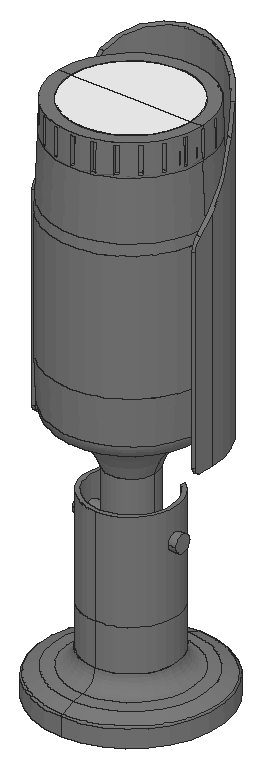
Revit family "Camera-Security-HanwhaTechwin-Bullet-Wisenet Q-QNO-8020R_mm", category Security Devices, host Face, Revit 2020
Family settings
  Host = Face
  Maintain Annotation Orientation = Yes
  Round Connector Dimension = Use Diameter
  Part Type = Normal
  OmniClass Number = 23.85.30.17.14
  OmniClass Title = Video Surveillance
  Cut with Voids When Loaded = No
  Shared = No
  Room Calculation Point = No
Parameters (values of type "Standard")
  zz Length 3 [instance] = if(1 = 1, View Distance + 38.89 mm, View Distance + 38.89 mm)  # 953.29 mm
  zz Length 2 [instance] = tan(Field of View Horizontal Actual / 2) * View Distance  # 764.557 mm
  zz Length 1 [instance] = tan(Field of View Vertical Actual / 2) * View Distance  # 507.904 mm
  zz Angle 4 [instance] = if(1 = 1, Camera Shield Rotation, Camera Shield Rotation)  # 0.00°
  zz Angle 3 [instance] = Camera Tilt Actual + 90.00°  # 90.00°
  zz Angle 2 [instance] = 90.00° - Camera Shield Rotation  # 90.00°
  zz Angle 1 [instance] = if(1 = 1, Camera Base Rotation + 270.00°, Camera Base Rotation + 270.00°)  # 270.00°
  Wide Dynamic Range [instance] = "120dB"  # constant formula
  White Balance [instance] = "ATW / AWC / Manual / Indoor / Outdoor"  # constant formula
  Webpage Language [instance] = "English, Korean, Chinese, French, Italian, Spanish, German, Japanese, Russian, Swedish,,\r\nPortuguese, Czech, Polish, Turkish, Dutch, Hungarian, Greek"  # constant formula
  Web Viewer [instance] = "Supported OS : Windows 7, 8.1, 10, Mac OS X 10.10, 10.11, 10.12, 10.13, 10.14\r\nRecommended Browser : Google Chrome\r\nSupported Browser : MS Explorer11, MS Edge, Mozilla Firefox (Windows 64bit only),\r\nApple Safari (Mac OS X only)"  # constant formula
  WarrantyStartDate [instance] = "1900-12-31T23:59:59"
  WarrantyGuarantorParts = ""
  WarrantyGuarantorLabor = ""
  WarrantyDurationUnit = ""
  WarrantyDurationParts = ""
  WarrantyDurationLabor = ""
  WarrantyDescription = ""
  Voltage = 12 V
  View Distance [instance] = 914.4 mm
  Video Rotation [instance] = "Flip, Mirror, Hallway view(90˚/270˚)"  # constant formula
  Video Quality Adjustment [instance] = "H.264/H.265 : Target bitrate level control / MJPEG : Quality level control"  # constant formula
  Video Out [instance] = "CVBS : 1.0 Vp-p / 75Ω composite, 720 x 480(N), 720 x 576(P) for installation"  # constant formula
  Video Compression [instance] = "H.265/H.264 : Main/High, MJPEG"  # constant formula
  Version = "1"
  Unit Conversion [instance] = 1000 mm
  Uniclass2 = "Pr_60_75_75_86_86"
  URL = "https://www.hanwha-security.com"
  Tilt Range [instance] = "0˚~67˚"  # constant formula
  TagNumber (default) [instance] = ""
  SustainabilityPerformance = ""
  Streaming [instance] = "Unicast (6 users) / Multicast / Multiple streaming (Up to 3 profiles)"  # constant formula
  Storage Temperature [instance] = "-30°C ~ +60°C (-22°F ~ +140°F)"  # constant formula
  Storage Humidity [instance] = "Less than 90% RH"  # constant formula
  Smart Codec [instance] = "WiseStream II"  # constant formula
  Size = "Ø70.0 x 246.0mm (Ø2.76\" x 9.69\")"
  Shape = ""
  SerialNumber (default) = ""
  Security [instance] = "HTTPS (SSL) login authentication, Digest login authentication, IP address filtering,\r\nUser access log, 802.1X authentication (EAP-TLS, EAP-LEAP)"  # constant formula
  Rotate Range [instance] = "0˚~355˚"  # constant formula
  Revision = ""
  Resolution [instance] = "2592 x 1944, 1920 x 1080, 1280 x 960, 1280 x 720, 800 x 600, 800 x 448, 720 x 576, 720 x 480,\r\n640 x 480, 640 x 360"  # constant formula
  ReplacementCost = ""
  Protocol [instance] = "IPv4, IPv6, TCP/IP, UDP/IP, RTP(UDP), RTP(TCP), RTCP, RTSP, NTP, HTTP, HTTPS, SSL/TLS, DHCP, FTP, SMTP, ICMP, IGMP, SNMPv1/v2c/v3(MIB-2), ARP, DNS, DDNS, QoS, PIM-SM, UPnP, Bonjour, LLDP"  # constant formula
  ProductInformation = ""
  Product Weight [instance] = "680g (1.499 lb)"  # constant formula
  Product Page URL = "https://www.hanwha-security.com/en/products/camera/network/bullet/QNO-8020R/overview/?serise=Wisenet%20Q"
  Product Material = Aluminum - HanwhaTechwin - Dark grey
  Product Documentation Link = "https://www.hanwha-security.com/en/products/camera/network/bullet/QNO-8020R/download/"
  Privacy Masking [instance] = "6ea, rectangular zones"  # constant formula
  Power Consumption [instance] = "PoE : Max 7.5W, typical 6.1W"  # constant formula
  Pan Range [instance] = "0˚~350˚"  # constant formula
  Operating Temperature [instance] = "-30°C ~ +55°C (-22°F ~ +131°F)\r\n* Start up should be done at above -20°C"  # constant formula
  Operating Humidity [instance] = " Less than 90% RH"  # constant formula
  NominalWidth = "Ø70.0 (Ø2.76\")"
  NominalLength = "Ø70.0 (Ø2.76\")"
  NominalHeight = "246.0mm (9.69\")"
  Name = "QNO-8020R"
  NBSTypeID = ""
  NBSReference = ""
  NBSOfficeMasterTag = ""
  NBSNote = ""
  NBSDescription = ""
  NBSCertification = ""
  Motion Detection [instance] = "4ea, polygonal zones"  # constant formula
  ModelReference = "Hanwhatechwin"
  ModelNumber = "QNO-8020R"
  Model = "QNO-8020R"  # constant formula
  Min. Illumination [instance] = "Color : 0.15Lux (F1.6, 1/30sec)\r\nBW : 0Lux (IR LED on)"  # constant formula
  Memory [instance] = "512MB RAM, 256MB Flash"  # constant formula
  Max. Framerate [instance] = "H.265/H.264 : Max. 30fps/25fps (60Hz/50Hz) / MJPEG : Max. 15fps/12fps (60Hz/50Hz)"  # constant formula
  Max. Aperture Ratio [instance] = "F1.6"  # constant formula
  Max Resolution [instance] = 2592
  Material = "Aluminum"
  ManufacturerURL = "http://security.hanwhatechwin.com/"
  ManufacturerName = "Hanwhatechwin"
  Manufacturer = "Hanwha Techwin"  # constant formula
  LDC [instance] = "Support"  # constant formula
  InstallationDate (default) [instance] = "1900-12-31T23:59:59"
  Input Voltage [instance] = "PoE (IEEE802.3af, Class3)"  # constant formula
  Imaging Device [instance] = "1/2.8 5MP CMOS"  # constant formula
  IR Viewable Length [instance] = "25m(82.02ft)"  # constant formula
  Grade = ""
  Gain Control [instance] = "Low / Middle / High"  # constant formula
  Focus Control [instance] = "Fixed"  # constant formula
  Focal Length .Zoom Ratio. [instance] = "4.0mm fixed focal"  # constant formula
  Focal Length [instance] = 4 mm  # constant formula
  FoV Hide Check [instance] = FoV Hide Check
  FoV Cross Check [instance] = FoV Cross Check
  Finish = ""
  Field of View_Recognize [instance] = Field of View - Recognize
  Field of View_Observe [instance] = Field of View - Observe
  Field of View_Identify [instance] = Field of View - Identify
  Field of View_Detect [instance] = Field of View - Detect
  Field of View is Visible_DORI [instance] = no
  Field of View is Visible [instance] = no
  Field of View Vertical Actual [instance] = 58.10°  # constant formula
  Field of View Horizontal Actual [instance] = 79.80°  # constant formula
  Field of View Diagonal Actual [instance] = 105.90°  # constant formula
  Field of View [instance] = Field of View
  Features = "• Max. 5Megapixel (2592 x 1944) resolution\r\n• 2.8mm/4mm/6mm fixed lens\r\n• 0.15Lux (Color), 0Lux (B/W, IR LED on)\r\n• Max. 30fps@5MP (H.265 / H.264)\r\n• H.265, H.264, MJPEG codec support, Multiple streaming\r\n• Day & Night, WDR (120dB)\r\n• Tampering, Motion detection, Defocus detection\r\n• Micro SD / SDHC / SDXC memory slot (Max. 128GB)\r\n• Hallway view, WiseStream II support\r\n• IR Viewable length 20m/25m/30m\r\n• IP66, IK10, PoE"
  ExpectedLife = ""
  Ethernet [instance] = "RJ-45(10/100BASE-T)"  # constant formula
  Electronic Shutter Speed [instance] = "Minimum / Maximum / Anti flicker (1/5~1/12,000sec)"  # constant formula
  Effective Pixels [instance] = "2592(H) x 1944(V)"  # constant formula
  Edge Storage [instance] = "Micro SD/SDHC/SDXC 1slot 128GB"  # constant formula
  DurationUnit = ""
  Distance Recognize [instance] = 1 / 2 * (Max Resolution / 125) / tan(Field of View Horizontal Actual / 2) * Unit Conversion  # 12399.989 mm
  Distance Observe [instance] = 1 / 2 * (Max Resolution / 62.5) / tan(Field of View Horizontal Actual / 2) * Unit Conversion  # 24799.978 mm
  Distance Identify [instance] = 1 / 2 * (Max Resolution / 250) / tan(Field of View Horizontal Actual / 2) * Unit Conversion  # 6199.994 mm
  Distance Detect [instance] = 1 / 2 * (Max Resolution / 25) / tan(Field of View Horizontal Actual / 2) * Unit Conversion  # 61999.944 mm
  Digital Noise Reduction [instance] = "SSNR"  # constant formula
  Description = "NBS standard template for generic face-based components"  # constant formula
  Default Elevation = 1219.2 mm
  Day and Night [instance] = "Auto (ICR)"  # constant formula
  Constituents = ""
  Color = "Dark grey"
  CodePerformance = ""
  Certification [instance] = "IP66, IK10"  # constant formula
  Category = "5MP Network IR Bullet Camera"
  Camera Title [instance] = "Displayed up to 85 characters"  # constant formula
  Camera Tilt Desired [instance] = 0.00°
  Camera Tilt Actual [instance] = if(Camera Tilt Desired > 90.00°, 90.00°, if(Camera Tilt Desired < 0.00°, 0.00°, Camera Tilt Desired))  # 0.00°
  Camera Shield Rotation [instance] = 0.00°
  Camera Shield Actual [instance] = if(Camera Shield Rotation > 350.00°, 350.00°, if(Camera Shield Rotation < 0.00°, 0.00°, Camera Shield Rotation))  # 0.00°
  Camera Base Rotation [instance] = 0.00°
  Camera Base Actual [instance] = if(Camera Base Rotation > 355.00°, 355.00°, if(Camera Base Rotation < 0.00°, 0.00°, Camera Base Rotation))  # 0.00°
  Bitrate Control [instance] = "H.264/H.265 : CBR or VBR / MJPEG : VBR"  # constant formula
  Base Vertical Length [instance] = 5 mm
  Base Horizontal Length [instance] = 5 mm
  BarCode (default) [instance] = ""
  Backlight Compensation [instance] = "BLC, WDR, SSDR"  # constant formula
  Author = ""
  AssetType = "Fixed"
  AssetIdentifier (default) [instance] = ""
  Application Programming Interface [instance] = "ONVIF Profile S/G/T SUNAPI (HTTP API)\r\nWisenet open platform"  # constant formula
  Angular Field of View [instance] = "H : 79.8°/ V : 58.1°/ D : 105.9°"  # constant formula
  Analytics [instance] = "Defocus detection, Directional detection, Motion detection, Enter/Exit, Tampering, Virtual line"  # constant formula
  Alarm events [instance] = "File upload via FTP and e-mail, Notification via e-mail,\r\nSD/SDHC/SDXC or NAS recording at event triggers, Alarm output"  # constant formula
  Alarm Triggers [instance] = "Analytics, Network disconnect, Alarm input"  # constant formula
  Alarm Input and Output [instance] = "Input 1ea / Output 1ea"  # constant formula
  AccessibilityPerformance = ""
Reference planes
  plane 1 "Center (Front/Back)": y = 0
  plane 2: z = 0
  plane 3 "Center (Left/Right)": x = 0
  plane 4: z = 38.87
  plane 5: z = 84.21
  plane 6: y = -20.3
  plane 7: y = 20.3
  plane 8: z = 19.71
  plane 9: x = -11
  plane 10: x = 11
  plane 11: x = -13
  plane 12: x = 13
  plane 13: z = 70.81
  plane 14: x = 41.2
  plane 15: z = 348.298
  plane 16: z = 170.3
  plane 17 "1": x = 0
  plane 18: z = 70.046
  plane 19: z = 246
  plane 20: z = 259.296
  plane 21: z = 0
  plane 22: z = 107.296
  plane 23: y = -35
  plane 24: y = 42.6
  plane 25: x = -37.6
  plane 26: x = 37.6
  plane 27: x = 35
  plane 28: x = -35
  plane 29: z = 94.828
  plane 30: z = 11.157
Forms (mm)
  Extrusion 1, solid, material "Aluminum - HanwhaTechwin - Dark grey" <- "Product Material", detail levels fine
    sketch origin (0, 0, 70.81) x (0, -1, 0) y (1, 0, 0)
      loop
        circle (0, 0) r 20.3
      loop
        circle (0, 0) r 18.4
    from -31.94 to 13.4
  Revolve 2, solid, material "Aluminum - HanwhaTechwin - Dark grey" <- "Product Material"
    sketch origin (0, 0, 245.996) x (1, 0, 0) y (0, 0, 1)
      loop
        line (0, -189.588) -> (11, -189.588) -> (11, -151.168)
        arc (11, -151.168) -> (17.936, -139.014) -> (29.63, -131.328) r 30
        arc (29.63, -131.328) -> (32.666, -128.71) -> (34.05, -124.948) r 8
        line (34.05, -124.948) -> (35, -104.704) -> (35, -45.741)
        arc (35, -45.741) -> (34.803, -43.362) -> (34.55, -40.988) r 100
        line (34.55, -40.988) -> (33.35, -14.388) -> (33.167, 0) -> (27.523, 0) -> (27.523, -6.344) -> (0, -6.344) -> (0, -189.588)
      axis (0, 0) -> (0, -189.588)
    angle from 0 to 360
  Revolve 3, solid, material "Plastic - HanwhaTechwin - Sun Shield"
    sketch origin (0, 0, 70.81) x (0, 0, 1) y (-1, 0, 0)
      loop
        line (175.188, 0) -> (168.838, 0) -> (168.838, -27.523) -> (175.188, -27.523) -> (175.188, 0)
      axis (175.188, 0) -> (168.838, 0)
    angle from 0 to 360
  Extrusion 4, solid, material "Aluminum - HanwhaTechwin - Dark grey" <- "Product Material"
    sketch origin (-449.734, 0, 245.996) x (1, 0, 0) y (0, 1, 0)
      loop
        arc (487.334, 0) -> (449.734, 37.6) -> (412.134, 0) r 37.6
        line (412.134, 0) -> (412.134, -9.8) -> (413.734, -9.8) -> (413.734, 0)
        arc (413.734, 0) -> (449.734, 36) -> (485.734, 0) r 36
        line (485.734, 0) -> (485.734, -9.8) -> (487.334, -9.8) -> (487.334, 0)
    from -138.7 to 13.3
  Extrusion 5, solid, material "Aluminum - HanwhaTechwin - Dark grey" <- "Product Material"
    sketch origin (0, 0, 270.966) x (1, 0, 0) y (0, 0, 1)
      loop
        circle (0, -133.039) r 8.5
    from -42.6 to -31.996
  Extrusion 6, void, detail levels fine
    sketch origin (0, -31.75, 70.81) x (0, 0, -1) y (-1, 0, 0)
      loop
        line (-13.4, 12) -> (-13.4, -12) -> (14.27, -12)
        arc (14.27, -12) -> (20.44, 0) -> (14.27, 12) r 14.754
        line (14.27, 12) -> (-13.4, 12)
    from 31.75 to 71.922
  Extrusion 7, solid, material "Aluminum - HanwhaTechwin - Dark grey" <- "Product Material", detail levels fine
    sketch origin (0, 0, 59.697) x (0, -1, 0) y (0, 0, 1)
      loop
        circle (0, 10.68) r 3.81
    from 23.789 to -23.92
  Revolve 8, solid, material "Aluminum - HanwhaTechwin - Dark grey" <- "Product Material"
    sketch origin (0, 0, -40.25) x (0, 1, 0) y (0, 0, 1)
      loop
        line (0, 40.25) -> (0, 59.96) -> (-20.637, 59.96)
        arc (-20.637, 59.96) -> (-22.642, 54.794) -> (-27.522, 52.17) r 8
        line (-27.522, 52.17) -> (-32.952, 51.407) -> (-39.222, 49)
        arc (-39.222, 49) -> (-39.683, 48.64) -> (-39.863, 48.084) r 1
        line (-39.863, 48.084) -> (-40, 40.25) -> (0, 40.25)
      axis (0, 40.25) -> (0, 59.96)
    angle from 0 to 360
  Revolve 9, solid, material "Aluminum - HanwhaTechwin - Dark grey" <- "Product Material"
    sketch origin (0, 0, -40.25) x (0, 1, 0) y (0, 0, 1)
      loop
        line (-20.3, 59.96) -> (0, 59.96) -> (0, 79.12) -> (-20.3, 79.12) -> (-20.3, 59.96)
      axis (0, 59.96) -> (0, 79.12)
    angle from 0 to 360
  Extrusion 10, void
    sketch origin (0, 0, 270.964) x (0, 1, 0) y (0, 0, 1)
      loop
        line (-9.8, -160.668) -> (-9.8, -163.668) -> (-6.8, -163.668)
        arc (-6.8, -163.668) -> (-8.921, -162.79) -> (-9.8, -160.668) r 3
      loop
        line (37.805, -11.668) -> (-9.8, -11.668) -> (-9.8, -71.482)
        arc (-9.8, -71.482) -> (-8.744, -68.487) -> (-6.791, -65.983) r 9.869
        arc (-6.791, -65.983) -> (5.657, -52.038) -> (15.294, -36.021) r 100.014
        arc (15.294, -36.021) -> (18.723, -30.78) -> (21.066, -24.972) r 32.016
        arc (21.066, -24.972) -> (28.716, -17.415) -> (37.805, -11.668) r 50.013
    from 37.6 to -37.6
  Extrusion 11, void, detail levels fine
    sketch origin (0, 0, 56.408) x (0, -1, 0) y (1, 0, 0)
      loop
        line (31.678, -1) -> (33.923, -1) -> (33.923, 1) -> (31.678, 1)
        arc (31.678, 1) -> (30.678, 0) -> (31.678, -1) r 1
    from 188.59 to 176.2
  Extrusion 12, void, detail levels fine
    sketch origin (0, 0, 56.408) x (0.258819, -0.965926, 0) y (0.965926, 0.258819, 0)
      loop
        line (31.678, -1) -> (33.923, -1) -> (33.923, 1) -> (31.678, 1)
        arc (31.678, 1) -> (30.678, 0) -> (31.678, -1) r 1
    from 188.59 to 176.2
  Extrusion 13, void, detail levels fine
    sketch origin (0, 0, 56.408) x (0.5, -0.866025, 0) y (0.866025, 0.5, 0)
      loop
        line (31.678, -1) -> (33.923, -1) -> (33.923, 1) -> (31.678, 1)
        arc (31.678, 1) -> (30.678, 0) -> (31.678, -1) r 1
    from 188.59 to 176.2
  Extrusion 14, void, detail levels fine
    sketch origin (0, 0, 56.408) x (0.707107, -0.707107, 0) y (0.707107, 0.707107, 0)
      loop
        line (31.678, -1) -> (33.923, -1) -> (33.923, 1) -> (31.678, 1)
        arc (31.678, 1) -> (30.678, 0) -> (31.678, -1) r 1
    from 188.59 to 176.2
  Extrusion 15, void, detail levels fine
    sketch origin (0, 0, 56.408) x (0.866025, -0.5, 0) y (0.5, 0.866025, 0)
      loop
        line (31.678, -1) -> (33.923, -1) -> (33.923, 1) -> (31.678, 1)
        arc (31.678, 1) -> (30.678, 0) -> (31.678, -1) r 1
    from 188.59 to 176.2
  Extrusion 16, void, detail levels fine
    sketch origin (0, 0, 56.408) x (0.965926, -0.258819, 0) y (0.258819, 0.965926, 0)
      loop
        line (31.678, -1) -> (33.923, -1) -> (33.923, 1) -> (31.678, 1)
        arc (31.678, 1) -> (30.678, 0) -> (31.678, -1) r 1
    from 188.59 to 176.2
  Extrusion 17, void, detail levels fine
    sketch origin (0, 0, 56.408) x (1, 0, 0) y (0, 1, 0)
      loop
        line (31.678, -1) -> (33.923, -1) -> (33.923, 1) -> (31.678, 1)
        arc (31.678, 1) -> (30.678, 0) -> (31.678, -1) r 1
    from 188.59 to 176.2
  Extrusion 18, void, detail levels fine
    sketch origin (0, 0, 56.408) x (0.965926, 0.258819, 0) y (-0.258819, 0.965926, 0)
      loop
        line (31.678, -1) -> (33.923, -1) -> (33.923, 1) -> (31.678, 1)
        arc (31.678, 1) -> (30.678, 0) -> (31.678, -1) r 1
    from 188.59 to 176.2
  Extrusion 19, void, detail levels fine
    sketch origin (0, 0, 56.408) x (0.866025, 0.5, 0) y (-0.5, 0.866025, 0)
      loop
        line (31.678, -1) -> (33.923, -1) -> (33.923, 1) -> (31.678, 1)
        arc (31.678, 1) -> (30.678, 0) -> (31.678, -1) r 1
    from 188.59 to 176.2
  Extrusion 20, void, detail levels fine
    sketch origin (0, 0, 56.408) x (0.707107, 0.707107, 0) y (-0.707107, 0.707107, 0)
      loop
        line (31.678, -1) -> (33.923, -1) -> (33.923, 1) -> (31.678, 1)
        arc (31.678, 1) -> (30.678, 0) -> (31.678, -1) r 1
    from 188.59 to 176.2
  Extrusion 21, void, detail levels fine
    sketch origin (0, 0, 56.408) x (0.5, 0.866025, 0) y (-0.866025, 0.5, 0)
      loop
        line (31.678, -1) -> (33.923, -1) -> (33.923, 1) -> (31.678, 1)
        arc (31.678, 1) -> (30.678, 0) -> (31.678, -1) r 1
    from 188.59 to 176.2
  Extrusion 22, void, detail levels fine
    sketch origin (0, 0, 56.408) x (0.258819, 0.965926, 0) y (-0.965926, 0.258819, 0)
      loop
        line (31.678, -1) -> (33.923, -1) -> (33.923, 1) -> (31.678, 1)
        arc (31.678, 1) -> (30.678, 0) -> (31.678, -1) r 1
    from 188.59 to 176.2
  Extrusion 23, void, detail levels fine
    sketch origin (0, 0, 56.408) x (0, 1, 0) y (-1, 0, 0)
      loop
        line (31.678, -1) -> (33.923, -1) -> (33.923, 1) -> (31.678, 1)
        arc (31.678, 1) -> (30.678, 0) -> (31.678, -1) r 1
    from 188.59 to 176.2
  Extrusion 24, void, detail levels fine
    sketch origin (0, 0, 56.408) x (-0.258819, 0.965926, 0) y (-0.965926, -0.258819, 0)
      loop
        line (31.678, -1) -> (33.923, -1) -> (33.923, 1) -> (31.678, 1)
        arc (31.678, 1) -> (30.678, 0) -> (31.678, -1) r 1
    from 188.59 to 176.2
  Extrusion 25, void, detail levels fine
    sketch origin (0, 0, 56.408) x (-0.5, 0.866025, 0) y (-0.866025, -0.5, 0)
      loop
        line (31.678, -1) -> (33.923, -1) -> (33.923, 1) -> (31.678, 1)
        arc (31.678, 1) -> (30.678, 0) -> (31.678, -1) r 1
    from 188.59 to 176.2
  Extrusion 26, void, detail levels fine
    sketch origin (0, 0, 56.408) x (-0.707107, 0.707107, 0) y (-0.707107, -0.707107, 0)
      loop
        line (31.678, -1) -> (33.923, -1) -> (33.923, 1) -> (31.678, 1)
        arc (31.678, 1) -> (30.678, 0) -> (31.678, -1) r 1
    from 188.59 to 176.2
  Extrusion 27, void, detail levels fine
    sketch origin (0, 0, 56.408) x (-0.866025, 0.5, 0) y (-0.5, -0.866025, 0)
      loop
        line (31.678, -1) -> (33.923, -1) -> (33.923, 1) -> (31.678, 1)
        arc (31.678, 1) -> (30.678, 0) -> (31.678, -1) r 1
    from 188.59 to 176.2
  Extrusion 28, void, detail levels fine
    sketch origin (0, 0, 56.408) x (-0.965926, 0.258819, 0) y (-0.258819, -0.965926, 0)
      loop
        line (31.678, -1) -> (33.923, -1) -> (33.923, 1) -> (31.678, 1)
        arc (31.678, 1) -> (30.678, 0) -> (31.678, -1) r 1
    from 188.59 to 176.2
  Extrusion 29, void, detail levels fine
    sketch origin (0, 0, 56.408) x (-1, 0, 0) y (0, -1, 0)
      loop
        line (31.678, -1) -> (33.923, -1) -> (33.923, 1) -> (31.678, 1)
        arc (31.678, 1) -> (30.678, 0) -> (31.678, -1) r 1
    from 188.59 to 176.2
  Extrusion 30, void, detail levels fine
    sketch origin (0, 0, 56.408) x (-0.965926, -0.258819, 0) y (0.258819, -0.965926, 0)
      loop
        line (31.678, -1) -> (33.923, -1) -> (33.923, 1) -> (31.678, 1)
        arc (31.678, 1) -> (30.678, 0) -> (31.678, -1) r 1
    from 188.59 to 176.2
  Extrusion 31, void, detail levels fine
    sketch origin (0, 0, 56.408) x (-0.866025, -0.5, 0) y (0.5, -0.866025, 0)
      loop
        line (31.678, -1) -> (33.923, -1) -> (33.923, 1) -> (31.678, 1)
        arc (31.678, 1) -> (30.678, 0) -> (31.678, -1) r 1
    from 188.59 to 176.2
  Extrusion 32, void, detail levels fine
    sketch origin (0, 0, 56.408) x (-0.707107, -0.707107, 0) y (0.707107, -0.707107, 0)
      loop
        line (31.678, -1) -> (33.923, -1) -> (33.923, 1) -> (31.678, 1)
        arc (31.678, 1) -> (30.678, 0) -> (31.678, -1) r 1
    from 188.59 to 176.2
  Extrusion 33, void, detail levels fine
    sketch origin (0, 0, 56.408) x (-0.5, -0.866025, 0) y (0.866025, -0.5, 0)
      loop
        line (31.678, -1) -> (33.923, -1) -> (33.923, 1) -> (31.678, 1)
        arc (31.678, 1) -> (30.678, 0) -> (31.678, -1) r 1
    from 188.59 to 176.2
  Extrusion 34, void, detail levels fine
    sketch origin (0, 0, 56.408) x (-0.258819, -0.965926, 0) y (0.965926, -0.258819, 0)
      loop
        line (31.678, -1) -> (33.923, -1) -> (33.923, 1) -> (31.678, 1)
        arc (31.678, 1) -> (30.678, 0) -> (31.678, -1) r 1
    from 188.59 to 176.2
  Extrusion 35, void, detail levels fine
    sketch origin (0, 0, 70.81) x (0, 0, -1) y (0, 1, 0)
      loop
        line (-36.386, 36.643) -> (-36.386, 37.6) -> (-98.378, 37.6)
        arc (-98.378, 37.6) -> (-97.491, 36.895) -> (-96.386, 36.643) r 2.551
        line (-96.386, 36.643) -> (-36.386, 36.643)
    from 13 to -13
  Extrusion 36, void, detail levels fine
    sketch origin (0, 36.643, 107.196) x (0, 0, -1) y (1, 0, 0)
      loop
        line (-23.307, -4.139) -> (-13.852, -4.139) -> (-13.852, 4.139) -> (-23.307, 4.139)
        arc (-23.307, 4.139) -> (-22.231, 0) -> (-23.307, -4.139) r 8.5
    from 0.643 to -2.757
  Revolve 37, solid, material "Aluminum - HanwhaTechwin - Dark grey" <- "Product Material", detail levels coarse+medium
    sketch origin (0, 0, 245.998) x (1, 0, 0) y (0, 0, 1)
      loop
        line (35, -104.705) -> (35, -45.742) -> (34.55, -40.99) -> (33.322, -13.39) -> (33.167, -0.002) -> (27.523, -0.002) -> (27.523, -6.345) -> (0, -6.345) -> (0, -104.705) -> (35, -104.705)
      axis (0, -0.002) -> (0, -104.705)
    angle from 0 to 360
  Extrusion 38, solid, material "Aluminum - HanwhaTechwin - Dark grey" <- "Product Material", detail levels coarse+medium
    sketch origin (0, 0, 38.87) x (-1, 0, 0) y (0, -1, 0)
      loop
        circle (0, 0) r 20.257
    from 45.34 to 0
Cuts and joins
  Extrusion 11, Extrusion 12, Extrusion 13, Extrusion 14, Extrusion 15, Extrusion 16, Extrusion 17, Extrusion 18, Extrusion 19, Extrusion 20, Extrusion 21, Extrusion 22, Extrusion 23, Extrusion 24, Extrusion 25, Extrusion 26, Extrusion 27, Extrusion 28, Extrusion 29, Extrusion 30, Extrusion 31, Extrusion 32, Extrusion 33, Extrusion 34 cuts Revolve 2
  Extrusion 6, Extrusion 10, Extrusion 12, Extrusion 13, Extrusion 14, Extrusion 15, Extrusion 16, Extrusion 17, Extrusion 18, Extrusion 19, Extrusion 20, Extrusion 21, Extrusion 22, Extrusion 23, Extrusion 24, Extrusion 25, Extrusion 26, Extrusion 27, Extrusion 28, Extrusion 29, Extrusion 30, Extrusion 31, Extrusion 32, Extrusion 33, Extrusion 34, Extrusion 35, Extrusion 36 cuts Extrusion 4
  Extrusion 6, Extrusion 36 cuts Extrusion 5
  joined: Revolve 2, Extrusion 4, Extrusion 5
  Extrusion 6 cuts Extrusion 1
  joined: Extrusion 1, Extrusion 7
Lines and regions (mm)
  reference lines
    curve 1: line (0, 0, 70.81) -> (0, -31.75, 70.81)
    curve 2: line (0, 0, 70.81) -> (0, 0, 245.996)
    curve 3: line (40.695, 0, 99.122) -> (40.695, 0, 245.998)
    curve 4: line (0, 0, 245.998) -> (40.695, 0, 245.998)
    curve 5: line (0, 0, 160.303) -> (40.695, 0, 160.303)
    curve 6: line (0, 0, 137.303) -> (40.695, 0, 137.303)
    curve 7: line (17.5, 0, 99.122) -> (17.5, 0, 245.998)
    curve 8: line (15, 0, 99.122) -> (15, 0, 245.998)
    curve 9: line (0, 0, 145.684) -> (40.695, 0, 145.684)
    curve 10: line (27.523, 0, 99.122) -> (27.523, 0, 245.998)
    curve 11: line (40.695, 0, 130.503) -> (0, 0, 130.503)
    curve 12: line (0, 0, 99.122) -> (40.695, 0, 99.122)
    curve 13: line (0, 0, 245.996) -> (40.695, 0, 245.996)
    curve 14: line (27.523, 0, 239.648) -> (0, 0, 239.648)
    curve 15: line (0, 0, 245.996) -> (0, -12.7, 245.996)
    curve 16: line (0, 0, 245.996) -> (-12.7, 0, 245.996)
    curve 17: line (32.05, 0, 245.13) -> (-32.05, 0, 245.13)
    curve 18: line (-33.35, 0, 232.74) -> (33.35, 0, 232.74)
Dimensions and locks
  equal spacing: plane 6, plane 1 "Center (Front/Back)", plane 7
  locked: curve 13 to curve 13
  locked: curve 2 to curve 13
  locked: curve 1 to curve 2
  plane 13 to plane 5 = 13.4 mm  (x2)
  Revolve 8 to plane 20 = 259.296 mm
  locked: plane 20 to plane 21 at 259.296
  locked: plane 19 to plane 21 at 246
  locked: plane 20 to plane 22 at 152
  plane 24 to plane 23 = 77.6 mm
  equal spacing: plane 25, plane 17 "1", plane 26
  plane 25 to plane 26 = 75.2 mm
  plane 28 to plane 27 = 70 mm  (x2)
  plane 22 to plane 29 to plane 5 to plane 4 to plane 8 to plane 30 to plane 21 = 12.468 mm, 10.618 mm, 45.34 mm, 19.16 mm, 8.553 mm, 11.157 mm
  plane 21 to level = 0 mm
  equal spacing: plane 28, plane 17 "1", plane 27
  "zz Angle 1": angle curve 1 to plane 1 "Center (Front/Back)"
  "zz Angle 3": angle curve 1 to curve 2
  "zz Angle 4": angle curve 4 to curve 13
  "zz Angle 2": angle curve 15 to curve 4
  aligned and locked: plane 2 to host face
  aligned and locked: level to host face
  aligned and locked: Extrusion 1 to plane 4
  aligned and locked: plane 5 to Extrusion 1
  aligned and locked: plane 1 "Center (Front/Back)" to curve 1
  aligned and locked: plane 3 "Center (Left/Right)" to curve 1
  aligned and locked: Revolve 3 sketch curve to curve 10
  aligned and locked: Revolve 3 sketch curve to curve 14
  aligned and locked: Revolve 3 sketch curve to curve 4
  aligned and locked: Revolve 2 sketch curve to Revolve 2 sketch curve
  aligned and locked: plane 3 "Center (Left/Right)" to plane 17 "1"
  aligned and locked: Revolve 8 sketch curve to Revolve 8 sketch curve
  aligned and locked: curve 13 to Revolve 2 sketch curve
  aligned and locked: plane 5 to Extrusion 38
Automatic sketch dimensions
  host sketch curve to host sketch curve = 155.045 mm
  host sketch curve to host sketch curve = 168.147 mm
  Revolve 3 sketch curve to curve 2 = 0 mm  (x2)
  Revolve 3 sketch curve to Revolve 3 sketch curve = 0 mm  (x2)
  curve 16 to curve 15 = 0 mm  (x2)
  curve 16 to curve 15 = 12.7 mm
  Extrusion 7 sketch curve to curve 1 = 0 mm
  Extrusion 7 sketch curve to curve 1 = 0.432 mm
  Extrusion 1 sketch curve to curve 1 = 0 mm  (x2)
  Revolve 9 sketch curve to plane 4 = 0 mm  (x2)
  Revolve 9 sketch curve to plane 6 = 0 mm
  Revolve 9 sketch curve to plane 1 "Center (Front/Back)" = 0 mm  (x2)
  Revolve 9 sketch curve to plane 8 = 0 mm  (x2)
  curve 12 to curve 2 = 0 mm
  curve 11 to curve 2 = 0 mm
  curve 6 to curve 2 = 0 mm
  curve 9 to curve 2 = 0 mm
  curve 5 to curve 2 = 0 mm
  curve 14 to curve 2 = 0 mm
  curve 4 to curve 2 = 0 mm
  curve 2 to curve 3 = 28.312 mm
  curve 2 to curve 4 = 0.002 mm
  curve 12 to curve 2 = 40.695 mm
  curve 12 to curve 11 = 31.381 mm
  curve 11 to curve 6 = 6.801 mm
  curve 6 to curve 9 = 8.38 mm
  curve 9 to curve 5 = 14.619 mm
  curve 14 to curve 4 = 6.35 mm
  curve 2 to curve 8 = 15 mm
  curve 7 to curve 8 = 2.5 mm
  curve 10 to curve 7 = 10.023 mm
  curve 13 to Extrusion 4 sketch curve = 0 mm  (x2)
  Extrusion 4 sketch curve to Extrusion 4 sketch curve = 9.8 mm  (x2)
  Extrusion 4 sketch curve to Extrusion 4 sketch curve = 1.6 mm
  Extrusion 4 sketch curve to Extrusion 4 sketch curve = 0 mm
  Extrusion 4 sketch curve to curve 13 = 0 mm
  Extrusion 4 sketch curve to curve 13 = 36 mm
  Extrusion 6 sketch curve to plane 5 = 0 mm
  plane 13 to Extrusion 6 sketch curve = 5.686 mm
  plane 13 to Extrusion 6 sketch curve = 14.27 mm  (x2)
  Extrusion 6 sketch curve to Extrusion 6 sketch curve = 12 mm
  Extrusion 10 sketch curve to curve 15 = 59.834 mm
  Extrusion 10 sketch curve to curve 15 = 13.3 mm
  Extrusion 10 sketch curve to curve 15 = 37.805 mm
  curve 15 to Extrusion 10 sketch curve = 0.086 mm
  Extrusion 10 sketch curve to curve 15 = 5.9 mm
  Extrusion 10 sketch curve to curve 15 = 3.046 mm
  Extrusion 10 sketch curve to curve 15 = 2.9 mm  (x2)
  Extrusion 10 sketch curve to curve 15 = 32.272 mm
  curve 15 to Extrusion 10 sketch curve = 62.149 mm
  curve 15 to Extrusion 10 sketch curve = 9.013 mm
  Extrusion 10 sketch curve to Extrusion 10 sketch curve = 44.9 mm
  Extrusion 10 sketch curve to curve 15 = 46.514 mm
  Extrusion 10 sketch curve to curve 15 = 48.256 mm
  Extrusion 10 sketch curve to curve 15 = 135.7 mm
  Extrusion 10 sketch curve to curve 15 = 21.066 mm
  Extrusion 10 sketch curve to Extrusion 10 sketch curve = 5.772 mm
  curve 13 to Extrusion 5 sketch curve = 0 mm
  Extrusion 5 sketch curve to curve 13 = 108.069 mm
  curve 13 to Revolve 2 sketch curve = 0 mm
  Revolve 2 sketch curve to curve 13 = 344.412 mm
  Revolve 2 sketch curve to curve 13 = 189.588 mm
  Revolve 2 sketch curve to curve 13 = 6.344 mm
  curve 13 to Revolve 2 sketch curve = 74.688 mm
  Revolve 2 sketch curve to curve 13 = 64.751 mm
  curve 13 to Revolve 2 sketch curve = 11 mm
  Revolve 2 sketch curve to curve 13 = 14.606 mm
  Revolve 2 sketch curve to curve 13 = 13.173 mm
  Revolve 2 sketch curve to Revolve 2 sketch curve = 5.644 mm
  Revolve 2 sketch curve to curve 13 = 7.345 mm
  Revolve 2 sketch curve to curve 13 = 6.645 mm
  Revolve 2 sketch curve to curve 13 = 6.145 mm
  Revolve 2 sketch curve to curve 13 = 0.89 mm
  Revolve 2 sketch curve to curve 13 = 159.55 mm
  Revolve 2 sketch curve to curve 13 = 151.168 mm
  Revolve 2 sketch curve to curve 13 = 124.948 mm
  Revolve 2 sketch curve to Revolve 2 sketch curve = 0.794 mm
  Revolve 2 sketch curve to curve 13 = 104.704 mm
  Revolve 2 sketch curve to curve 13 = 52.788 mm
  Revolve 2 sketch curve to curve 13 = 45.741 mm
  Revolve 2 sketch curve to curve 13 = 14.388 mm
  Extrusion 11 sketch curve to Extrusion 11 sketch curve = 2.245 mm
  Extrusion 11 sketch curve to Extrusion 11 sketch curve = 1 mm
  Extrusion 11 sketch curve to Extrusion 11 sketch curve = 0 mm
  Extrusion 12 sketch curve to Extrusion 12 sketch curve = 2.245 mm
  Extrusion 12 sketch curve to Extrusion 12 sketch curve = 1 mm
  Extrusion 12 sketch curve to Extrusion 12 sketch curve = 0 mm
  Extrusion 13 sketch curve to Extrusion 13 sketch curve = 2.245 mm
  Extrusion 13 sketch curve to Extrusion 13 sketch curve = 1 mm
  Extrusion 13 sketch curve to Extrusion 13 sketch curve = 0 mm
  Extrusion 14 sketch curve to Extrusion 14 sketch curve = 2.245 mm
  Extrusion 14 sketch curve to Extrusion 14 sketch curve = 1 mm
  Extrusion 14 sketch curve to Extrusion 14 sketch curve = 0 mm
  Extrusion 15 sketch curve to Extrusion 15 sketch curve = 2.245 mm
  Extrusion 15 sketch curve to Extrusion 15 sketch curve = 1 mm
  Extrusion 15 sketch curve to Extrusion 15 sketch curve = 0 mm
  Extrusion 16 sketch curve to Extrusion 16 sketch curve = 2.245 mm
  Extrusion 16 sketch curve to Extrusion 16 sketch curve = 1 mm
  Extrusion 16 sketch curve to Extrusion 16 sketch curve = 0 mm
  Extrusion 17 sketch curve to Extrusion 17 sketch curve = 2.245 mm
  Extrusion 17 sketch curve to Extrusion 17 sketch curve = 1 mm
  Extrusion 17 sketch curve to Extrusion 17 sketch curve = 0 mm
  Extrusion 18 sketch curve to Extrusion 18 sketch curve = 2.245 mm
  Extrusion 18 sketch curve to Extrusion 18 sketch curve = 1 mm
  Extrusion 18 sketch curve to Extrusion 18 sketch curve = 0 mm
  Extrusion 19 sketch curve to Extrusion 19 sketch curve = 2.245 mm
  Extrusion 19 sketch curve to Extrusion 19 sketch curve = 1 mm
  Extrusion 19 sketch curve to Extrusion 19 sketch curve = 0 mm
  Extrusion 20 sketch curve to Extrusion 20 sketch curve = 2.245 mm
  Extrusion 20 sketch curve to Extrusion 20 sketch curve = 1 mm
  Extrusion 20 sketch curve to Extrusion 20 sketch curve = 0 mm
  Extrusion 21 sketch curve to Extrusion 21 sketch curve = 2.245 mm
  Extrusion 21 sketch curve to Extrusion 21 sketch curve = 1 mm
  Extrusion 21 sketch curve to Extrusion 21 sketch curve = 0 mm
  Extrusion 22 sketch curve to Extrusion 22 sketch curve = 2.245 mm
  Extrusion 22 sketch curve to Extrusion 22 sketch curve = 1 mm
  Extrusion 22 sketch curve to Extrusion 22 sketch curve = 0 mm
  Extrusion 23 sketch curve to Extrusion 23 sketch curve = 2.245 mm
  Extrusion 23 sketch curve to Extrusion 23 sketch curve = 1 mm
  Extrusion 23 sketch curve to Extrusion 23 sketch curve = 0 mm
  Extrusion 24 sketch curve to Extrusion 24 sketch curve = 2.245 mm
  Extrusion 24 sketch curve to Extrusion 24 sketch curve = 1 mm
  Extrusion 24 sketch curve to Extrusion 24 sketch curve = 0 mm
  Extrusion 25 sketch curve to Extrusion 25 sketch curve = 2.245 mm
  Extrusion 25 sketch curve to Extrusion 25 sketch curve = 1 mm
  Extrusion 25 sketch curve to Extrusion 25 sketch curve = 0 mm
  Extrusion 26 sketch curve to Extrusion 26 sketch curve = 2.245 mm
  Extrusion 26 sketch curve to Extrusion 26 sketch curve = 1 mm
  Extrusion 26 sketch curve to Extrusion 26 sketch curve = 0 mm
  Extrusion 27 sketch curve to Extrusion 27 sketch curve = 2.245 mm
  Extrusion 27 sketch curve to Extrusion 27 sketch curve = 1 mm
  Extrusion 27 sketch curve to Extrusion 27 sketch curve = 0 mm
  Extrusion 28 sketch curve to Extrusion 28 sketch curve = 2.245 mm
  Extrusion 28 sketch curve to Extrusion 28 sketch curve = 1 mm
  Extrusion 28 sketch curve to Extrusion 28 sketch curve = 0 mm
  Extrusion 29 sketch curve to Extrusion 29 sketch curve = 2.245 mm
  Extrusion 29 sketch curve to Extrusion 29 sketch curve = 1 mm
  Extrusion 29 sketch curve to Extrusion 29 sketch curve = 0 mm
  Extrusion 30 sketch curve to Extrusion 30 sketch curve = 2.245 mm
  Extrusion 30 sketch curve to Extrusion 30 sketch curve = 1 mm
  Extrusion 30 sketch curve to Extrusion 30 sketch curve = 0 mm
  Extrusion 31 sketch curve to Extrusion 31 sketch curve = 2.245 mm
  Extrusion 31 sketch curve to Extrusion 31 sketch curve = 1 mm
  Extrusion 31 sketch curve to Extrusion 31 sketch curve = 0 mm
  Extrusion 32 sketch curve to Extrusion 32 sketch curve = 2.245 mm
  Extrusion 32 sketch curve to Extrusion 32 sketch curve = 1 mm
  Extrusion 32 sketch curve to Extrusion 32 sketch curve = 0 mm
  Extrusion 33 sketch curve to Extrusion 33 sketch curve = 2.245 mm
  Extrusion 33 sketch curve to Extrusion 33 sketch curve = 1 mm
  Extrusion 33 sketch curve to Extrusion 33 sketch curve = 0 mm
  Extrusion 34 sketch curve to Extrusion 34 sketch curve = 2.245 mm
  Extrusion 34 sketch curve to Extrusion 34 sketch curve = 1 mm
  Extrusion 34 sketch curve to Extrusion 34 sketch curve = 0 mm
  Extrusion 11 sketch curve to Revolve 2 = 31.678 mm
  Extrusion 12 sketch curve to Revolve 2 = 30.858 mm
  Extrusion 13 sketch curve to Revolve 2 = 27.934 mm
  Extrusion 14 sketch curve to Revolve 2 = 23.107 mm
  Extrusion 15 sketch curve to Revolve 2 = 16.705 mm
  Extrusion 16 sketch curve to Revolve 2 = 9.165 mm
  Revolve 2 to Extrusion 17 sketch curve = 0 mm
  Revolve 2 to Extrusion 18 sketch curve = 7.233 mm
  Revolve 2 to Extrusion 19 sketch curve = 14.973 mm
  Revolve 2 to Extrusion 20 sketch curve = 21.693 mm
  Revolve 2 to Extrusion 21 sketch curve = 26.934 mm
  Revolve 2 to Extrusion 22 sketch curve = 30.34 mm
  Revolve 2 to Extrusion 23 sketch curve = 31.678 mm
  Revolve 2 to Extrusion 24 sketch curve = 30.858 mm
  Revolve 2 to Extrusion 25 sketch curve = 27.934 mm
  Revolve 2 to Extrusion 26 sketch curve = 23.107 mm
  Revolve 2 to Extrusion 27 sketch curve = 16.705 mm
  Revolve 2 to Extrusion 28 sketch curve = 9.165 mm
  Extrusion 29 sketch curve to Revolve 2 = 0 mm
  Extrusion 30 sketch curve to Revolve 2 = 7.233 mm
  Extrusion 31 sketch curve to Revolve 2 = 14.973 mm
  Extrusion 32 sketch curve to Revolve 2 = 21.693 mm
  Extrusion 33 sketch curve to Revolve 2 = 26.934 mm
  Extrusion 34 sketch curve to Revolve 2 = 30.34 mm
  curve 2 to Extrusion 35 sketch curve = 37.6 mm
  curve 2 to Extrusion 35 sketch curve = 76.808 mm
  Extrusion 35 sketch curve to Extrusion 35 sketch curve = 1.992 mm
  Extrusion 35 sketch curve to Extrusion 35 sketch curve = 0.957 mm
  Extrusion 35 sketch curve to curve 2 = 36.386 mm
  Extrusion 35 to Extrusion 36 sketch curve = 29.269 mm
  Extrusion 36 sketch curve to Extrusion 36 sketch curve = 7.424 mm
  Extrusion 36 sketch curve to Extrusion 36 sketch curve = 0 mm
  Extrusion 36 sketch curve to Extrusion 36 sketch curve = 9.455 mm
  Extrusion 36 sketch curve to Extrusion 35 = 8.861 mm
  Extrusion 36 sketch curve to Extrusion 36 sketch curve = 4.139 mm
  Revolve 2 sketch curve to Revolve 2 sketch curve = 0.95 mm
  Revolve 8 sketch curve to plane 21 = 0 mm
  Revolve 8 sketch curve to plane 1 "Center (Front/Back)" = 0 mm
  Revolve 8 sketch curve to level = 40.25 mm
  Revolve 8 sketch curve to Revolve 8 sketch curve = 0.017 mm
  plane 6 to Revolve 8 sketch curve = 0.337 mm
  Revolve 8 sketch curve to plane 8 = 0 mm
  plane 8 to Revolve 8 sketch curve = 0.133 mm
  Revolve 8 sketch curve to Revolve 8 sketch curve = 5.429 mm
  Revolve 37 sketch curve to curve 4 = 0 mm
  curve 4 to Revolve 37 sketch curve = 0 mm
  Revolve 37 sketch curve to curve 4 = 210 mm
  Revolve 37 sketch curve to curve 4 = 104.705 mm
  Revolve 37 sketch curve to curve 4 = 6.345 mm
  curve 4 to Revolve 37 sketch curve = 20 mm
  Revolve 37 sketch curve to curve 4 = 13.173 mm
  curve 4 to Revolve 37 sketch curve = 0.002 mm
  Revolve 37 sketch curve to Revolve 37 sketch curve = 5.644 mm
  Revolve 37 sketch curve to curve 4 = 7.373 mm
  Revolve 37 sketch curve to curve 4 = 6.145 mm
  Revolve 37 sketch curve to curve 4 = 45.742 mm
  Revolve 37 sketch curve to Revolve 37 sketch curve = 4.752 mm
  Revolve 37 sketch curve to curve 4 = 13.39 mm
  Revolve 37 sketch curve to Revolve 37 sketch curve = 0.45 mm
  plane 6 to Revolve 8 sketch curve = 7.222 mm
  Revolve 8 sketch curve to Revolve 8 sketch curve = 5.912 mm
  Revolve 8 sketch curve to Revolve 8 sketch curve = 0.358 mm
  Revolve 8 sketch curve to Revolve 8 sketch curve = 0.137 mm
  plane 30 to Revolve 8 sketch curve = 0 mm
  Revolve 8 sketch curve to Revolve 8 sketch curve = 1 mm
  plane 23 to Revolve 8 sketch curve = 6.364 mm
  plane 30 to Revolve 8 sketch curve = 3.341 mm
  plane 30 to Revolve 8 sketch curve = 1.157 mm
  radius of Extrusion 7 sketch curve = 3.81 mm
  radius of Extrusion 1 sketch curve = 20.3 mm
  radius of Extrusion 5 sketch curve = 8.5 mm
  radius of Extrusion 38 sketch curve to Revolve 9 = 0.043 mm
Nested families
  nested 1: "Security Camera Symbol" at (0, 0, 0), type "Security Camera Symbol"
  nested 2: "DORI FOV" at (0, 0, 245.996), Field of View is Visible <- "Field of View is Visible", Field of View is Visible_DORI <- "Field of View is Visible_DORI", Field of View <- "Field of View", Field of View_Detect <- "Field of View_Detect", Field of View_Identify <- "Field of View_Identify", Field of View_Observe <- "Field of View_Observe", Field of View_Recognize <- "Field of View_Recognize", FoV Cross Check <- "FoV Cross Check", FoV Hide Check <- "FoV Hide Check", Base Horizontal Length <- "Base Horizontal Length", Base Vertical Length <- "Base Vertical Length", Field of View Diagonal <- "Field of View Diagonal Actual", Field of View Horizontal <- "Field of View Horizontal Actual", Field of View Vertical <- "Field of View Vertical Actual", Max Resolution <- "Max Resolution", View Distance <- "View Distance", Unit Conversion <- "Unit Conversion", Distance Detect <- "Distance Detect", Distance Identify <- "Distance Identify", Distance Observe <- "Distance Observe", Distance Recognize <- "Distance Recognize", type "DORI FOV"
    with zz Vertical Length_Recognize 13775.158 mm, zz Vertical Length_Observe 27550.315 mm, zz Vertical Length_Identify 6887.579 mm, zz Vertical Length_Detect 68875.788 mm, zz Vertical Length 1015.808 mm, zz Horizontal Length_Recognize 20736 mm, zz Horizontal Length_Observe 41472 mm, zz Horizontal Length_Identify 10368 mm, zz Horizontal Length_Detect 103680 mm, zz Horizontal Length 1529.114 mm, View Distance 914.4 mm, Unit Conversion 1000 mm, Max Resolution 2592, FoV Hide Check FoV Hide Check, FoV Cross Check FoV Cross Check, Field of View_Recognize Field of View - Recognize, Field of View_Observe Field of View - Observe, Field of View_Identify Field of View - Identify, Field of View_Detect Field of View - Detect, Field of View is Visible_DORI no, Field of View is Visible no, Field of View Vertical 58.10°, Field of View Horizontal 79.80°, Field of View Diagonal 105.90°, Field of View Field of View, Distance Recognize 12399.989 mm, Distance Observe 24799.978 mm, Distance Identify 6199.994 mm, Distance Detect 61999.944 mm, Base Vertical Length 5 mm, Base Horizontal Length 5 mm
Connectors
  electrical at (0, 0, 0), driven by "Voltage"
    settings: on Revolve 8, index 1, voltage 12 V, apparent load 0 VA, apparent load phase1 0 VA, apparent load phase2 0 VA, apparent load phase3 0 VA, power factor 1, load classification "Other", number of poles 1, system type 31, power factor state 1, is connector primary yes, connector utility no, sub classification motor no, connector description "Power Connector"
  electrical at (0, 0, 0)
    settings: on Revolve 8, index 2, voltage 0 V, apparent load 0 VA, apparent load phase1 0 VA, apparent load phase2 0 VA, apparent load phase3 0 VA, power factor 1, load classification "Other", number of poles 1, system type 14, power factor state 1, is connector primary no, connector utility no, sub classification motor no, connector description "Ethernet Connector"
Definition of nested family "Security Camera Symbol"
  Reference planes
    plane 1: y = 0
    plane 2: x = 0
  Lines and regions (mm)
    Masking region 1
      outline origin (0, 0, 0) x (1, 0, 0) y (0, 1, 0)
        loop
          circle (0, 0) r 5
    detail lines
      curve 1: line (-3.061, 1.648, 0) -> (1.489, 1.648, 0)
      curve 2: line (-3.061, -1.648, 0) -> (-3.061, 1.648, 0)
      curve 3: line (1.489, -1.648, 0) -> (-3.061, -1.648, 0)
      curve 4: line (1.489, 1.648, 0) -> (1.489, -1.648, 0)
      curve 5: line (1.489, 0, 0) -> (3.137, 1.648, 0)
      curve 6: line (3.137, 1.648, 0) -> (3.137, -1.648, 0)
      curve 7: line (3.137, -1.648, 0) -> (1.489, 0, 0)
Definition of nested family "DORI FOV"
  Parameters (values of type "DORI FOV")
    zz Vertical Length_Recognize [instance] = tan(Field of View Vertical / 2) * Distance Recognize * 2  # 6424.485 mm
    zz Vertical Length_Observe [instance] = tan(Field of View Vertical / 2) * Distance Observe * 2  # 12848.969 mm
    zz Vertical Length_Identify [instance] = tan(Field of View Vertical / 2) * Distance Identify * 2  # 3212.242 mm
    zz Vertical Length_Detect [instance] = tan(Field of View Vertical / 2) * Distance Detect * 2  # 25697.938 mm
    zz Vertical Length [instance] = tan(Field of View Vertical / 2) * View Distance * 2  # 838.854 mm
    zz Horizontal Length_Recognize [instance] = tan(Field of View Horizontal / 2) * Distance Recognize * 2  # 15224.886 mm
    zz Horizontal Length_Observe [instance] = tan(Field of View Horizontal / 2) * Distance Observe * 2  # 30449.771 mm
    zz Horizontal Length_Identify [instance] = tan(Field of View Horizontal / 2) * Distance Identify * 2  # 7612.443 mm
    zz Horizontal Length_Detect [instance] = tan(Field of View Horizontal / 2) * Distance Detect * 2  # 60899.542 mm
    zz Horizontal Length [instance] = tan(Field of View Horizontal / 2) * View Distance * 2  # 1987.935 mm
    View Distance [instance] = 914 mm
    Unit Conversion [instance] = 1000 mm
    Max Resolution [instance] = 1920
    FoV Hide Check [instance] = none
    FoV Cross Check [instance] = none
    Field of View is Visible_DORI [instance] = no
    Field of View is Visible [instance] = yes
    Field of View Vertical [instance] = 49.30°
    Field of View Horizontal [instance] = 94.80°
    Field of View Diagonal [instance] = 114.30°
    Field of View_Recognize [instance] = none
    Field of View_Observe [instance] = none
    Field of View_Identify [instance] = none
    Field of View_Detect [instance] = none
    Field of View [instance] = none
    Distance Recognize [instance] = 7000 mm
    Distance Observe [instance] = 14000 mm
    Distance Identify [instance] = 3500 mm
    Distance Detect [instance] = 28000 mm
    Default Elevation = 1219.2 mm
    Base Vertical Length [instance] = 5 mm
    Base Horizontal Length [instance] = 5 mm
  Reference planes
    plane 1 "Center (Front/Back)": y = 0
    plane 2: z = 0
    plane 3 "Center (Left/Right)": x = 0
    plane 4: z = 3500
    plane 5: z = 7000
    plane 6: z = 14000
    plane 7: z = 28000
    plane 8: x = -3806.221
    plane 9: x = 3806.221
    plane 10: x = -7612.443
    plane 11: x = -15224.886
    plane 12: x = 7612.443
    plane 13: x = 15224.886
    plane 14: x = -30449.771
    plane 15: x = 30449.771
  Forms (mm)
    Extrusion 1, solid
      sketch origin (0, 0, 0) x (1, 0, 0) y (0, 1, 0)
        loop
          line (-1219.2, 1219.2) -> (-1219.2, -1219.2) -> (1219.2, -1219.2) -> (1219.2, 1219.2) -> (-1219.2, 1219.2)
      from 0 to -304.8
    Blend 2, solid, material <- "Field of View_Identify", visible <- "Field of View is Visible_DORI"
      base sketch origin (0, 0, 0) x (1, 0, 0) y (0, 1, 0)
        loop
          line (-2.5, 2.5) -> (-2.5, -2.5) -> (2.5, -2.5) -> (2.5, 2.5) -> (-2.5, 2.5)
      top sketch origin (0, 0, 0) x (1, 0, 0) y (0, 1, 0)
        loop
          line (-3806.221, 1606.121) -> (-3806.221, -1606.121) -> (3806.221, -1606.121) -> (3806.221, 1606.121) -> (-3806.221, 1606.121)
      from 0 to 3500
    Blend 3, solid, material <- "Field of View_Recognize", visible <- "Field of View is Visible_DORI"
      base sketch origin (0, 0, 0) x (1, 0, 0) y (0, 1, 0)
        loop
          line (-3806.221, 1606.121) -> (-3806.221, -1606.121) -> (3806.221, -1606.121) -> (3806.221, 1606.121) -> (-3806.221, 1606.121)
      top sketch origin (0, 0, 0) x (1, 0, 0) y (0, 1, 0)
        loop
          line (-7612.443, 3212.242) -> (-7612.443, -3212.242) -> (7612.443, -3212.242) -> (7612.443, 3212.242) -> (-7612.443, 3212.242)
      from 3500 to 7000
    Blend 4, solid, material <- "Field of View_Observe", visible <- "Field of View is Visible_DORI"
      base sketch origin (0, 0, 0) x (1, 0, 0) y (0, 1, 0)
        loop
          line (-7612.443, 3212.242) -> (-7612.443, -3212.242) -> (7612.443, -3212.242) -> (7612.443, 3212.242) -> (-7612.443, 3212.242)
      top sketch origin (0, 0, 0) x (1, 0, 0) y (0, 1, 0)
        loop
          line (-15224.886, 6424.485) -> (-15224.886, -6424.485) -> (15224.886, -6424.485) -> (15224.886, 6424.485) -> (-15224.886, 6424.485)
      from 7000 to 14000
    Blend 5, solid, material <- "Field of View_Detect", visible <- "Field of View is Visible_DORI"
      base sketch origin (0, 0, 0) x (1, 0, 0) y (0, 1, 0)
        loop
          line (-15224.886, 6424.485) -> (-15224.886, -6424.485) -> (15224.886, -6424.485) -> (15224.886, 6424.485) -> (-15224.886, 6424.485)
      top sketch origin (0, 0, 0) x (1, 0, 0) y (0, 1, 0)
        loop
          line (-30449.771, 12848.969) -> (-30449.771, -12848.969) -> (30449.771, -12848.969) -> (30449.771, 12848.969) -> (-30449.771, 12848.969)
      from 14000 to 28000
    Blend 6, solid, material <- "Field of View", visible <- "Field of View is Visible"
      base sketch origin (0, 0, 0) x (1, 0, 0) y (0, 1, 0)
        loop
          line (-2.5, 2.5) -> (-2.5, -2.5) -> (2.5, -2.5) -> (2.5, 2.5) -> (-2.5, 2.5)
      top sketch origin (0, 0, 0) x (1, 0, 0) y (0, 1, 0)
        loop
          line (-993.968, 419.427) -> (-993.968, -419.427) -> (993.968, -419.427) -> (993.968, 419.427) -> (-993.968, 419.427)
      from 0 to 914 <- "View Distance"
  Dimensions and locks
    equal spacing: Blend 2 sketch curve, plane 3 "Center (Left/Right)", Blend 2 sketch curve  (x2)
    "Base Horizontal Length": Blend 2 sketch curve to Blend 2 sketch curve
    equal spacing: Blend 2 sketch curve, plane 1 "Center (Front/Back)", Blend 2 sketch curve  (x2)
    "Base Vertical Length": Blend 2 sketch curve to Blend 2 sketch curve
    "zz Horizontal Length_Identify": Blend 2 sketch curve to Blend 2 sketch curve
    "zz Vertical Length_Identify": Blend 2 sketch curve to Blend 2 sketch curve
    equal spacing: plane 9, plane 3 "Center (Left/Right)", plane 8
    "zz Horizontal Length_Identify": plane 9 to plane 8
    "Distance Identify": plane 4 to level
    "Distance Recognize": plane 5 to Extrusion 1
    "Distance Observe": plane 6 to Extrusion 1
    "Distance Detect": plane 7 to Extrusion 1
    equal spacing: Blend 3 sketch curve, plane 3 "Center (Left/Right)", Blend 3 sketch curve  (x2)
    equal spacing: Blend 3 sketch curve, plane 1 "Center (Front/Back)", Blend 3 sketch curve  (x2)
    "zz Horizontal Length_Identify": Blend 3 sketch curve to Blend 3 sketch curve
    "zz Vertical Length_Identify": Blend 3 sketch curve to Blend 3 sketch curve
    "zz Horizontal Length_Recognize": Blend 3 sketch curve to Blend 3 sketch curve
    "zz Vertical Length_Recognize": Blend 3 sketch curve to Blend 3 sketch curve
    equal spacing: Blend 4 sketch curve, plane 3 "Center (Left/Right)", Blend 4 sketch curve  (x2)
    "zz Horizontal Length_Recognize": Blend 4 sketch curve to Blend 4 sketch curve
    equal spacing: Blend 4 sketch curve, plane 1 "Center (Front/Back)", Blend 4 sketch curve  (x2)
    "zz Vertical Length_Recognize": Blend 4 sketch curve to Blend 4 sketch curve
    "zz Horizontal Length_Observe": Blend 4 sketch curve to Blend 4 sketch curve
    "zz Vertical Length_Observe": Blend 4 sketch curve to Blend 4 sketch curve
    equal spacing: plane 12, plane 3 "Center (Left/Right)", plane 10
    "zz Horizontal Length_Recognize": plane 12 to plane 10
    equal spacing: plane 13, plane 3 "Center (Left/Right)", plane 11
    "zz Horizontal Length_Observe": plane 13 to plane 11
    equal spacing: Blend 5 sketch curve, plane 3 "Center (Left/Right)", Blend 5 sketch curve  (x2)
    "zz Horizontal Length_Observe": Blend 5 sketch curve to Blend 5 sketch curve
    equal spacing: Blend 5 sketch curve, plane 1 "Center (Front/Back)", Blend 5 sketch curve  (x2)
    "zz Vertical Length_Observe": Blend 5 sketch curve to Blend 5 sketch curve
    "zz Horizontal Length_Detect": Blend 5 sketch curve to Blend 5 sketch curve
    "zz Vertical Length_Detect": Blend 5 sketch curve to Blend 5 sketch curve
    equal spacing: plane 15, plane 3 "Center (Left/Right)", plane 14
    "zz Horizontal Length_Detect": plane 15 to plane 14
    equal spacing: Blend 6 sketch curve, plane 3 "Center (Left/Right)", Blend 6 sketch curve  (x2)
    "Base Horizontal Length": Blend 6 sketch curve to Blend 6 sketch curve
    equal spacing: Blend 6 sketch curve, plane 1 "Center (Front/Back)", Blend 6 sketch curve  (x2)
    "Base Vertical Length": Blend 6 sketch curve to Blend 6 sketch curve
    "zz Horizontal Length": Blend 6 sketch curve to Blend 6 sketch curve
    "zz Vertical Length": Blend 6 sketch curve to Blend 6 sketch curve
    aligned and locked: plane 2 to Extrusion 1
    aligned and locked: level to Extrusion 1
    aligned and locked: Blend 2 to plane 4
    aligned and locked: Blend 3 to plane 5
    aligned and locked: Blend 3 to plane 4
    aligned and locked: Blend 4 to plane 6
    aligned and locked: Blend 4 to plane 5
    aligned and locked: Blend 5 to plane 7
    aligned and locked: Blend 5 to plane 6
  Automatic sketch dimensions
    Extrusion 1 sketch curve to Extrusion 1 sketch curve = 2438.4 mm  (x2)
